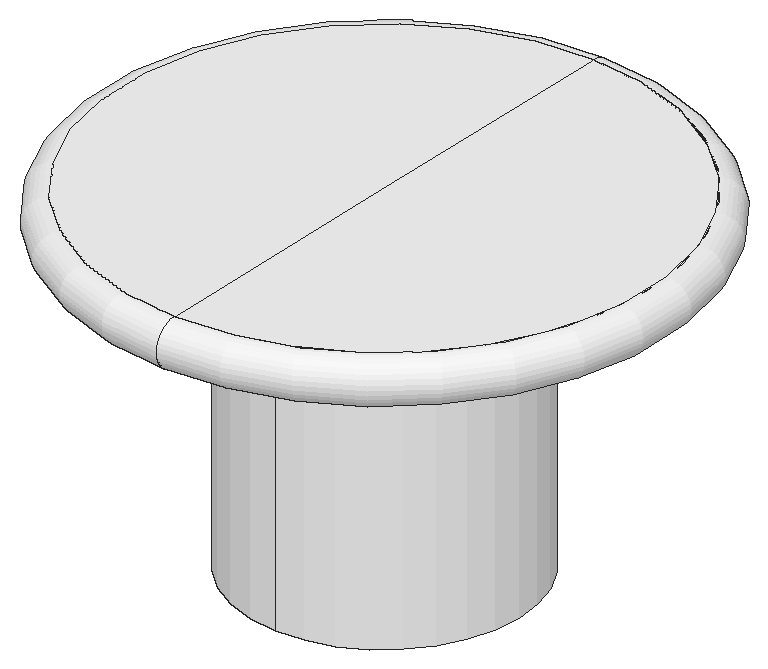
Revit family "Reece_Basin_AXA_H10_Above Counter Basin_Rectangle_400 mm", category Plumbing Fixtures, host Face, Revit 2018
Family settings
  Host = Face
  Round Connector Dimension = Use Diameter
  Part Type = Normal
  Cut with Voids When Loaded = No
  Shared = Yes
  Room Calculation Point = Yes
Parameters (values of type "5 L_No Taphole_Fine Fire Clay Ceramic_White")
  WFU = 0  # constant formula
  URL = "https://www.reece.com.au/product/-9502948"
  Type Comments = "Basin"
  Reece_Product_Web Page = "https://www.reece.com.au/product/-9502948"
  Reece_Product_Type = "Basin"  # constant formula
  Reece_Product_Sub Brand = "H10"  # constant formula
  Reece_Product_Number = "9502948"
  Reece_Product_Mount = "Above Counter Basin"
  Reece_Product_Description = "AXA H10 Rectangle Counter Basin 400 x 320mm White"  # constant formula
  Reece_Product_Brand = "AXA"  # constant formula
  Reece_Overall_Width = 400 mm  # constant formula
  Reece_Overall_Length = 320 mm  # constant formula
  Reece_Overall_Height = 100 mm  # constant formula
  Reece_Overall_Capacity = 5.00 L  # constant formula
  Reece_Material_Secondary = Reece_Brass_Chrome
  Reece_Material-Main = Reece_Ceramic_Fine Fire Clay_White
  Reece_Detail_Disclaimer = "THIS FILE IS THE PROPERTY OF THE REECE GROUP. IT MAY NOT BE REPRODUCED, REVERSE-ENGINEERED OR MODIFIED. ANY REPUBLICATION, TRANSMISSION OR DISTRIBUTION FOR THE PURPOSE OF COMMERCIALLY EXPLOITING THE FILES IS PROHIBITED."  # constant formula
  Reece_Basin_Outlet = 40 mm  # constant formula
  Model = "H10"
  Manufacturer = "AXA"
  Keynote = "Product #9502948, Reece_Basin_AXA_H10_Above Counter Basin_Rectangle_400 mm - 5 L_No Taphole_Fine Fire Clay Ceramic_White"
  HWFU = 0  # constant formula
  Disclaimer = "THIS FILE IS THE PROPERTY OF THE REECE GROUP. IT MAY NOT BE REPRODUCED, REVERSE-ENGINEERED OR MODIFIED. ANY REPUBLICATION, TRANSMISSION OR DISTRIBUTION FOR THE PURPOSE OF COMMERCIALLY EXPLOITING THE FILES IS PROHIBITED."  # constant formula
  Description = "AXA H10 Rectangle Counter Basin 400 x 320mm White"
  Default Elevation = 1000 mm
  CWFU = 0  # constant formula
Types (2, lengths in mm): name | Keynote
  (no name) | "Product #9502948, Reece_Basin_AXA_H10_Above Counter Basin_Rectangle_400 mm -  "
  5 L_No Taphole_Fine Fire Clay Ceramic_White | "Product #9502948, Reece_Basin_AXA_H10_Above Counter Basin_Rectangle_400 mm - 5 L_No Taphole_Fine Fire Clay Ceramic_White"
Reference planes
  plane 1 "Center (Front/Back)": y = -119.125
  plane 2 "Bottom": z = 0
  plane 3 "Center (Left/Right)": x = 0
  plane 4 "Top": z = 100
  plane 5: y = 40.875
  plane 6: x = 200
  plane 7: x = -200
  plane 8: y = -279.125
  plane 9: z = 30
  plane 10: x = -170
  plane 11: x = 170
  plane 12: y = 10.875
  plane 13: y = -249.125
Forms (mm)
  Revolve 1, solid, material "Reece_Brass_Chrome" <- "Reece_Material_Secondary"
    sketch origin (0, -80, 0) x (0, 1, 0) y (0, 0, 1)
      loop
        line (-24.125, 32.5) -> (-10, 32.5)
        arc (-10, 32.5) -> (-7.5, 35) -> (-10, 37.5) r 2.5
        line (-10, 37.5) -> (-39.125, 37.5) -> (-39.125, 0) -> (-24.125, 0) -> (-24.125, 32.5)
      axis (-39.125, 37.5) -> (-39.125, 0)
    angle from 0 to 360
  Extrusion 2, void
    sketch origin (0, 0, 0) x (1, 0, 0) y (0, 1, 0)
      loop
        circle (0, -119.125) r 50
    from 0 to -40
Cuts and joins
  Extrusion 2 cuts Revolve 1
  Extrusion 2 cuts ?
  Extrusion 2 cuts ?
Lines and regions (mm)
  symbolic lines, style "PlumbingFixtures"
    curve 1: line (13.447, 32.21, 100) -> (-13.447, -270.021, 100)
    curve 2: line (-13.447, -270.021, 100) -> (13.447, 32.21, 100)
Text (mm)
  text "Reece Copyright © 2018, Reece Ltd." at (-739.053, -583.01, 0), in view "Ref. Level"
  text "Reece ©" at (44.384, 258.95, 192.345), in view "Reece Preview"
Dimensions and locks
  equal spacing: plane 7, plane 3 "Center (Left/Right)", plane 6
  "Reece_Overall_Width": plane 7 to plane 6
  "Reece_Overall_Length": plane 5 to plane 8
  equal spacing: plane 5, plane 1 "Center (Front/Back)", plane 8
  "Reece_Overall_Height": plane 2 "Bottom" to plane 4 "Top"
  plane 4 "Top" to plane 9 = 70 mm
  plane 3 "Center (Left/Right)" to plane 10 = 170 mm
  plane 12 to plane 1 "Center (Front/Back)" = 130 mm
  plane 13 to plane 1 "Center (Front/Back)" = 130 mm
  plane 4 "Top" to plane 2 "Bottom" = 100 mm  (x2)
  aligned and locked: host face to plane 2 "Bottom"
  aligned and locked: level to host face
Automatic sketch dimensions
  host sketch curve to host sketch curve = 801.051 mm
  host sketch curve to host sketch curve = 660.299 mm
  Revolve 1 sketch curve to level = 0 mm
  plane 1 "Center (Front/Back)" to Revolve 1 sketch curve = 0 mm
  Revolve 1 sketch curve to Revolve 1 sketch curve = 15 mm
  Revolve 1 sketch curve to Revolve 1 sketch curve = 14.125 mm
  Revolve 1 sketch curve to Revolve 1 sketch curve = 32.5 mm
  Revolve 1 sketch curve to Revolve 1 sketch curve = 2.5 mm
  Revolve 1 sketch curve to Revolve 1 sketch curve = 0 mm
  Revolve 1 sketch curve to level = 33.124 mm
  plane 4 "Top" to Revolve 1 sketch curve = 18.686 mm
  plane 3 "Center (Left/Right)" to curve 1 = 13.447 mm
  curve 1 to plane 5 = 8.665 mm
  curve 2 to curve 1 = 0 mm  (x3)
  curve 2 to plane 3 "Center (Left/Right)" = 13.447 mm
  curve 2 to plane 8 = 9.103 mm
  curve 1 to curve 2 = 0 mm
  plane 1 "Center (Front/Back)" to Extrusion 2 sketch curve = 0 mm
  Extrusion 2 sketch curve to plane 3 "Center (Left/Right)" = 0 mm
  radius of Extrusion 2 sketch curve = 50 mm
Connectors
  piping at (0, -119.125, 0), diameter 40, driven by "Reece_Basin_Outlet"
    settings: on cut or joined group of Revolve 1, Extrusion 2, index 1, connector inside diameter 609.6 mm, connector length 0 mm, flow factor 0, pipe flow 0.0 L/s, pressure drop 0.0 Pa, fitting loss kfactor 0, connector angle 0.00°, fixture units 0, engagement length 0 mm, angle of deflection 0.00°, flow configuration 0, flow direction 2, fitting loss method 0, system type 16, joint type 0, gender type 0, connector reference index -1, connector utility 0, adjustable connector no, is connector primary yes, connector description ""
